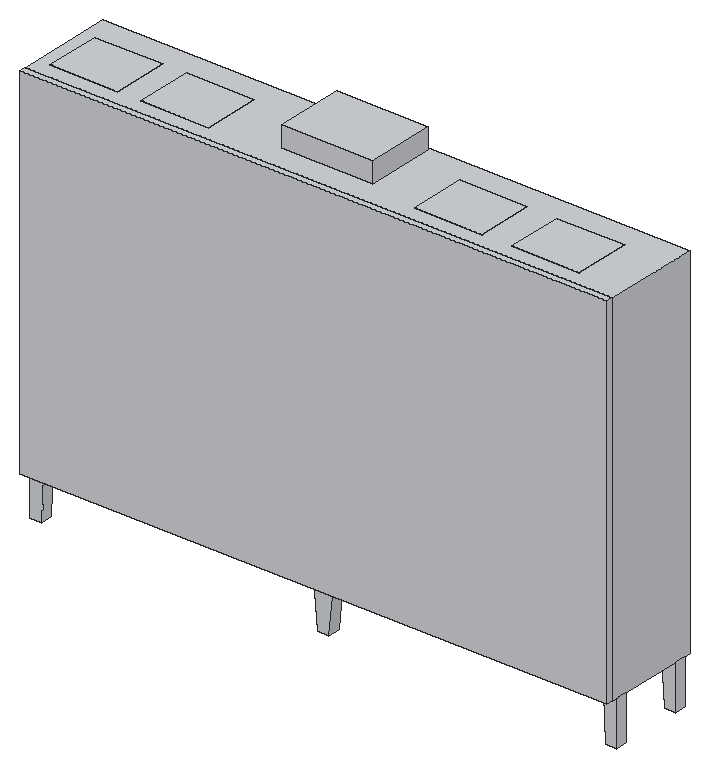
Revit family "AHU 1 _1", category Mechanické zařízení, Revit 2018
Family settings
  Kóta kulaté spojky = Použít průměr
  Typ dílu = Normální
  Číslo OmniClass = 23.75.00.00
  Nadpis OmniClass = Climate Control (HVAC)
  Založené na pracovní rovině = Ne
  Vždy vertikální = Ano
  Ořezat dutým tvarem při načtení = Ne
  Sdílené = Ne
  Bod výpočtu místnosti = Ne
Parameters (values of type "DUPLEXVENT 1500 Multi-V")
  Width [instance] = 0.455 mm
  Weight [instance] = 329.00 kg
  URL = ""
  Type [instance] = "DUPLEXVENT 1500 Multi-V"
  Total_SFP [instance] = 0
  Supply_outlet_hum [instance] = 90
  Supply_inlet_hum [instance] = 90
  Supply_ext_pressure [instance] = 0.0 Pa
  Supply_SFP [instance] = 0
  Source_adu_file [instance] = ""
  Recuperation_type [instance] = "Plate heat recovery exchanger"
  Recuperation_efficiency_EN308 [instance] = 0
  Project_name [instance] = ""
  Project_date [instance] = "9.8.2023"
  Power_supply_fusing [instance] = "0"
  Power_supply_cable [instance] = "0"
  Position [instance] = "AHU 1 "
  Phases_count [instance] = 1
  Panel_thickness [instance] = 0.06 mm
  Outer_surface [instance] = "RAL 9002"
  Length [instance] = 2.6 mm
  Insulation_type [instance] = "PUR"
  Insulation_thickness [instance] = 0.05 mm
  Installation_environment [instance] = ""
  Input_power_max [instance] = 1560 W
  Inner_surface [instance] = "Pozink"
  I2 [instance] = I1  # 0.0 L/s
  Height [instance] = 1.6 mm
  Exhaust_outlet_hum [instance] = 40
  Exhaust_inlet_hum [instance] = 40
  Exhaust_ext_pressure [instance] = 0.0 Pa
  Exhaust_SFP [instance] = 0
  E1 [instance] = E2 - M1  # 0.0 L/s
  E2 [instance] = 0.0 L/s
  I1 [instance] = 0.0 L/s
  Description = ""
  M1 [instance] = 0.0 L/s
  Device_dutypoint_version [instance] = "0"
  Device_design_version [instance] = "9"
  Device_adu_id [instance] = "1"
  Current_max [instance] = 7.8 A
  Casing_mat [instance] = "painted zinc layer"
  Cable type [instance] = "CYKY 3Jx2,5"
Reference planes
  plane 1 "Střed (vpředu/vzadu)": y = 0
  plane 2 "ref": z = 0
  plane 3 "Střed (vlevo/vpravo)": x = 0
Forms (mm)
  Sweep 1, solid
    path origin (0, 0, 0) x (0, 0, 1) y (1, 0, 0)
      loop
        line (0, 0) -> (1600, 0)
    profile origin (0, 0, 0) x (1, 0, 0) y (0, 1, 0)
      loop
        line (0, 0) -> (2600, 0) -> (2600, 425) -> (0, 425) -> (0, 0)
  Sweep 2, solid
    path origin (610, 190, 1599) x (0, 0, 1) y (1, 0, 0)
      loop
        line (0, 0) -> (1, 0)
    profile origin (610, 190, 1599) x (1, 0, 0) y (0, 1, 0)
      loop
        line (-150, -125) -> (150, -125) -> (150, 125) -> (-150, 125) -> (-150, -125)
  Sweep 3, solid
    path origin (2250, 190, 1599) x (0, 0, 1) y (1, 0, 0)
      loop
        line (0, 0) -> (1, 0)
    profile origin (2250, 190, 1599) x (1, 0, 0) y (0, 1, 0)
      loop
        line (-150, -125) -> (150, -125) -> (150, 125) -> (-150, 125) -> (-150, -125)
  Sweep 4, solid
    path origin (1820, 190, 1599) x (0, 0, 1) y (1, 0, 0)
      loop
        line (0, 0) -> (1, 0)
    profile origin (1820, 190, 1599) x (1, 0, 0) y (0, 1, 0)
      loop
        line (-150, -125) -> (150, -125) -> (150, 125) -> (-150, 125) -> (-150, -125)
  Sweep 5, solid
    path origin (205, 190, 1599) x (0, 0, 1) y (1, 0, 0)
      loop
        line (0, 0) -> (1, 0)
    profile origin (205, 190, 1599) x (1, 0, 0) y (0, 1, 0)
      loop
        line (-150, -125) -> (150, -125) -> (150, 125) -> (-150, 125) -> (-150, -125)
  Sweep 6, solid
    path origin (1150, 198, 0) x (0, -1, 0) y (0, 0, 1)
      loop
        line (0, 0) -> (0, -142)
    profile origin (1150, 198, 0) x (-1, 0, 0) y (0, -1, 0)
      loop
        circle (0, 0) r 8
  Sweep 7, solid
    path origin (1158, 198, -150) x (0, 0, -1) y (1, 0, 0)
      loop
        line (0, 0) -> (0, 14)
    profile origin (1158, 198, -150) x (0, 0, 1) y (0, -1, 0)
      loop
        circle (0, 0) r 8
  Sweep 8, solid
    path origin (1180, 198, -142) x (0, -1, 0) y (0, 0, 1)
      loop
        line (0, 0) -> (0, 59)
    profile origin (1180, 198, -142) x (0, 1, 0) y (-1, 0, 0)
      loop
        circle (0, 0) r 8
  Sweep 9, solid
    path origin (1188, 198, -75) x (0, 0, -1) y (1, 0, 0)
      loop
        line (0, 0) -> (0, 22)
    profile origin (1188, 198, -75) x (0, 0, 1) y (0, -1, 0)
      loop
        circle (0, 0) r 8
  Sweep 10, solid
    path origin (1625, 198, 0) x (0, -1, 0) y (0, 0, 1)
      loop
        line (0, 0) -> (0, -142)
    profile origin (1625, 198, 0) x (-1, 0, 0) y (0, -1, 0)
      loop
        circle (0, 0) r 8
  Sweep 11, solid
    path origin (1633, 198, -150) x (0, 0, -1) y (1, 0, 0)
      loop
        line (0, 0) -> (0, 14)
    profile origin (1633, 198, -150) x (0, 0, 1) y (0, -1, 0)
      loop
        circle (0, 0) r 8
  Sweep 12, solid
    path origin (1655, 198, -142) x (0, -1, 0) y (0, 0, 1)
      loop
        line (0, 0) -> (0, 59)
    profile origin (1655, 198, -142) x (0, 1, 0) y (-1, 0, 0)
      loop
        circle (0, 0) r 8
  Sweep 13, solid
    path origin (1663, 198, -75) x (0, 0, -1) y (1, 0, 0)
      loop
        line (0, 0) -> (0, 22)
    profile origin (1663, 198, -75) x (0, 0, 1) y (0, -1, 0)
      loop
        circle (0, 0) r 8
  Sweep 14, solid
    path origin (0, 0, 0) x (0, 0, 1) y (1, 0, 0)
      loop
        line (0, 0) -> (1600, 0)
    profile origin (0, 0, 0) x (1, 0, 0) y (0, 1, 0)
      loop
        line (0, -30) -> (2600, -30) -> (2600, -5) -> (0, -5) -> (0, -30)
  Sweep 15, solid
    path origin (25, 75, 0) x (1, 0, 0) y (0, 1, 0)
      loop
        line (0, 0) -> (0, -50)
    profile origin (25, 75, 0) x (1, 0, 0) y (0, 0, 1)
      loop
        line (-25, 0) -> (-25, -200) -> (25, -200) -> (35, 0) -> (-25, 0)
  Sweep 16, solid
    path origin (2575, 75, 0) x (1, 0, 0) y (0, 1, 0)
      loop
        line (0, 0) -> (0, -50)
    profile origin (2575, 75, 0) x (1, 0, 0) y (0, 0, 1)
      loop
        line (-35, 0) -> (-25, -200) -> (25, -200) -> (25, 0) -> (-35, 0)
  Sweep 17, solid
    path origin (25, 400, 0) x (1, 0, 0) y (0, 1, 0)
      loop
        line (0, 0) -> (0, -50)
    profile origin (25, 400, 0) x (1, 0, 0) y (0, 0, 1)
      loop
        line (-25, 0) -> (-25, -200) -> (25, -200) -> (35, 0) -> (-25, 0)
  Sweep 18, solid
    path origin (2575, 400, 0) x (1, 0, 0) y (0, 1, 0)
      loop
        line (0, 0) -> (0, -50)
    profile origin (2575, 400, 0) x (1, 0, 0) y (0, 0, 1)
      loop
        line (-35, 0) -> (-25, -200) -> (25, -200) -> (25, 0) -> (-35, 0)
  Sweep 19, solid
    path origin (1300, 75, 0) x (1, 0, 0) y (0, 1, 0)
      loop
        line (0, 0) -> (0, -50)
    profile origin (1300, 75, 0) x (1, 0, 0) y (0, 0, 1)
      loop
        line (-45, 0) -> (-25, -200) -> (25, -200) -> (45, 0) -> (-45, 0)
  Sweep 20, solid
    path origin (1300, 400, 0) x (1, 0, 0) y (0, 1, 0)
      loop
        line (0, 0) -> (0, -50)
    profile origin (1300, 400, 0) x (1, 0, 0) y (0, 0, 1)
      loop
        line (-45, 0) -> (-25, -200) -> (25, -200) -> (45, 0) -> (-45, 0)
  Sweep 21, solid
    path origin (0, 0, 1600) x (0, 0, 1) y (1, 0, 0)
      loop
        line (0, 0) -> (90, 0)
    profile origin (0, 0, 1600) x (1, 0, 0) y (0, 1, 0)
      loop
        line (1045, 110) -> (1450, 110) -> (1450, 415) -> (1045, 415) -> (1045, 110)
  Sweep 22, solid
    path origin (1045, 263, 1645) x (0, 0, -1) y (1, 0, 0)
      loop
        line (0, 0) -> (0, -1)
    profile origin (1045, 263, 1645) x (0, 0, -1) y (0, -1, 0)
      loop
        circle (0, 0) r 10
Lines and regions (mm)
  model lines, style "Symbol"
    curve 1: line (1300, -30, 1600) -> (1300, -30, 960)
    curve 2: line (650, -30, 1600) -> (650, -30, 480)
    curve 3: line (650, -30, 480) -> (820, -30, 480)
    curve 4: line (1950, -30, 1600) -> (1950, -30, 480)
    curve 5: line (1950, -30, 480) -> (1780, -30, 480)
    curve 6: line (820, -30, 480) -> (1060, -30, 960)
    curve 7: line (1060, -30, 960) -> (1540, -30, 960)
    curve 8: line (1540, -30, 960) -> (1780, -30, 480)
    curve 9: line (1780, -30, 480) -> (1540, -30, 0)
    curve 10: line (1540, -30, 0) -> (1300, -30, 0)
    curve 11: line (1300, -30, 0) -> (1060, -30, 0)
    curve 12: line (1060, -30, 0) -> (820, -30, 480)
    curve 13: line (2133, -30, 1140) -> (2187, -30, 1460)
    curve 14: line (2417, -30, 1140) -> (2363, -30, 1460)
    curve 15: line (183, -30, 1140) -> (237, -30, 1460)
    curve 16: line (467, -30, 1140) -> (413, -30, 1460)
    curve 17: line (715, -30, 1280) -> (1235, -30, 1280)
    curve 18: line (1235, -30, 1280) -> (1235, -30, 1120)
    curve 19: line (1235, -30, 1120) -> (715, -30, 1120)
    curve 20: line (715, -30, 1120) -> (715, -30, 1280)
    curve 21: line (715, -30, 1200) -> (975, -30, 1120)
    curve 22: line (1235, -30, 1200) -> (975, -30, 1120)
    curve 23: line (1365, -30, 1280) -> (1885, -30, 1280)
    curve 24: line (1885, -30, 1280) -> (1885, -30, 1120)
    curve 25: line (1885, -30, 1120) -> (1365, -30, 1120)
    curve 26: line (1365, -30, 1120) -> (1365, -30, 1280)
    curve 27: line (1365, -30, 1200) -> (1625, -30, 1120)
    curve 28: line (1885, -30, 1200) -> (1625, -30, 1120)
    curve 29: line (701, -30, 552) -> (919, -30, 979)
    curve 30: line (919, -30, 979) -> (1035, -30, 920)
    curve 31: line (1035, -30, 920) -> (817, -30, 493)
    curve 32: line (817, -30, 493) -> (701, -30, 552)
    curve 33: line (842, -30, 799) -> (982, -30, 844)
    curve 34: line (754, -30, 628) -> (894, -30, 673)
    curve 35: line (0, 425, -200) -> (0, 425, 0)
    curve 36: line (2600, 425, -200) -> (2600, 425, 0)
    curve 37: line (0, 425, -200) -> (2600, 425, -200)
    curve 38: line (0, 0, -200) -> (0, 0, 0)
    curve 39: line (2600, 0, -200) -> (2600, 0, 0)
    curve 40: line (0, 0, -200) -> (2600, 0, -200)
    curve 41: line (0, 425, -200) -> (0, 0, -200)
    curve 42: line (2600, 425, -200) -> (2600, 0, -200)
    curve 43: line (0, 200, -200) -> (200, 0, -200)
    curve 44: line (0, 400, -200) -> (400, 0, -200)
    curve 45: line (175, 425, -200) -> (600, 0, -200)
    curve 46: line (375, 425, -200) -> (800, 0, -200)
    curve 47: line (575, 425, -200) -> (1000, 0, -200)
    curve 48: line (775, 425, -200) -> (1200, 0, -200)
    curve 49: line (975, 425, -200) -> (1400, 0, -200)
    curve 50: line (1175, 425, -200) -> (1600, 0, -200)
    curve 51: line (1375, 425, -200) -> (1800, 0, -200)
    curve 52: line (1575, 425, -200) -> (2000, 0, -200)
    curve 53: line (1775, 425, -200) -> (2200, 0, -200)
    curve 54: line (1975, 425, -200) -> (2400, 0, -200)
    curve 55: line (2175, 425, -200) -> (2600, 0, -200)
    curve 56: line (2375, 425, -200) -> (2600, 200, -200)
    curve 57: line (2575, 425, -200) -> (2600, 400, -200)
    curve 58: line (2600, 200, -200) -> (2600, 0, 0)
    curve 59: line (2600, 400, -200) -> (2600, 200, 0)
    curve 60: line (2600, 425, -25) -> (2600, 400, 0)
    curve 61: line (0, 0, 0) -> (200, 0, -200)
    curve 62: line (200, 0, 0) -> (400, 0, -200)
    curve 63: line (400, 0, 0) -> (600, 0, -200)
    curve 64: line (600, 0, 0) -> (800, 0, -200)
    curve 65: line (800, 0, 0) -> (1000, 0, -200)
    curve 66: line (1000, 0, 0) -> (1200, 0, -200)
    curve 67: line (1200, 0, 0) -> (1400, 0, -200)
    curve 68: line (1400, 0, 0) -> (1600, 0, -200)
    curve 69: line (1600, 0, 0) -> (1800, 0, -200)
    curve 70: line (1800, 0, 0) -> (2000, 0, -200)
    curve 71: line (2000, 0, 0) -> (2200, 0, -200)
    curve 72: line (2200, 0, 0) -> (2400, 0, -200)
    curve 73: line (2400, 0, 0) -> (2600, 0, -200)
    curve 74: line (0, 0, 2180) -> (0, 0, 1600)
    curve 75: line (2600, 0, 2180) -> (2600, 0, 1600)
    curve 76: line (0, 0, 2180) -> (2600, 0, 2180)
    curve 77: line (0, 425, 2180) -> (0, 425, 1600)
    curve 78: line (2600, 425, 2180) -> (2600, 425, 1600)
    curve 79: line (0, 425, 2180) -> (2600, 425, 2180)
    curve 80: line (0, 0, 2180) -> (0, 425, 2180)
    curve 81: line (2600, 0, 2180) -> (2600, 425, 2180)
    curve 82: line (0, 225, 2180) -> (200, 425, 2180)
    curve 83: line (0, 25, 2180) -> (400, 425, 2180)
    curve 84: line (175, 0, 2180) -> (600, 425, 2180)
    curve 85: line (375, 0, 2180) -> (800, 425, 2180)
    curve 86: line (575, 0, 2180) -> (1000, 425, 2180)
    curve 87: line (775, 0, 2180) -> (1200, 425, 2180)
    curve 88: line (975, 0, 2180) -> (1400, 425, 2180)
    curve 89: line (1175, 0, 2180) -> (1600, 425, 2180)
    curve 90: line (1375, 0, 2180) -> (1800, 425, 2180)
    curve 91: line (1575, 0, 2180) -> (2000, 425, 2180)
    curve 92: line (1775, 0, 2180) -> (2200, 425, 2180)
    curve 93: line (1975, 0, 2180) -> (2400, 425, 2180)
    curve 94: line (2175, 0, 2180) -> (2600, 425, 2180)
    curve 95: line (2375, 0, 2180) -> (2600, 225, 2180)
    curve 96: line (2575, 0, 2180) -> (2600, 25, 2180)
    curve 97: line (2600, 225, 2180) -> (2600, 425, 1980)
    curve 98: line (2600, 25, 2180) -> (2600, 425, 1780)
    curve 99: line (2600, 0, 2005) -> (2600, 405, 1600)
    curve 100: line (2600, 0, 1805) -> (2600, 205, 1600)
    curve 101: line (2600, 0, 1605) -> (2600, 5, 1600)
    curve 102: line (0, 425, 1980) -> (200, 425, 2180)
    curve 103: line (0, 425, 1780) -> (400, 425, 2180)
    curve 104: line (20, 425, 1600) -> (600, 425, 2180)
    curve 105: line (220, 425, 1600) -> (800, 425, 2180)
    curve 106: line (420, 425, 1600) -> (1000, 425, 2180)
    curve 107: line (620, 425, 1600) -> (1200, 425, 2180)
    curve 108: line (820, 425, 1600) -> (1400, 425, 2180)
    curve 109: line (1020, 425, 1600) -> (1600, 425, 2180)
    curve 110: line (1220, 425, 1600) -> (1800, 425, 2180)
    curve 111: line (1420, 425, 1600) -> (2000, 425, 2180)
    curve 112: line (1620, 425, 1600) -> (2200, 425, 2180)
    curve 113: line (1820, 425, 1600) -> (2400, 425, 2180)
    curve 114: line (2020, 425, 1600) -> (2600, 425, 2180)
    curve 115: line (2220, 425, 1600) -> (2600, 425, 1980)
    curve 116: line (2420, 425, 1600) -> (2600, 425, 1780)
    curve 117: line (0, -30, 0) -> (0, -30, 1600)
    curve 118: line (0, -30, 1600) -> (1120, -30, 1600)
    curve 119: line (1120, -30, 1600) -> (1120, -30, 0)
    curve 120: line (1120, -30, 0) -> (0, -30, 0)
    curve 121: line (1480, -30, 0) -> (1480, -30, 1600)
    curve 122: line (1480, -30, 1600) -> (2600, -30, 1600)
    curve 123: line (2600, -30, 1600) -> (2600, -30, 0)
    curve 124: line (2600, -30, 0) -> (1480, -30, 0)
    curve 125: line (0, -30, 0) -> (2600, -30, 0)
    curve 126: line (0, -30, 1600) -> (2600, -30, 1600)
    curve 127: line (0, -30, 0) -> (0, -30, 1600)
    curve 128: line (2600, -30, 0) -> (2600, -30, 1600)
    curve 129: line (0, -30, 0) -> (0, -5, 0)
    curve 130: line (2600, -30, 0) -> (2600, -5, 0)
    curve 131: line (0, -30, 1600) -> (0, -5, 1600)
    curve 132: line (2600, -30, 1600) -> (2600, -5, 1600)
    curve 133: circle (2275, -30, 1280) r 200 normal (0, -1, 0)
    curve 134: circle (325, -30, 1280) r 200 normal (0, -1, 0)
    curve 135: circle (912, -30, 822) r 20 normal (0, -1, 0)
    curve 136: circle (824, -30, 650) r 20 normal (0, -1, 0)
    curve 137: circle (1150, 198, 0) r 8 normal (0, 0, -1)
    curve 138: circle (1150, 198, -142) r 8 normal (0, 0, -1)
    curve 139: circle (1625, 198, 0) r 8 normal (0, 0, -1)
    curve 140: circle (1625, 198, -142) r 8 normal (0, 0, -1)
Dimensions and locks
  aligned and locked: level to plane 2 "ref"
Connectors
  hvac at (610, 190, 1600), driven by "E1"
    settings: on Sweep 2, index 1, duct flow 0.0 L/s, flow factor 0, pres drop 0.0 Pa, loss coef 0, conn angle 0.00°, conn width 250 mm, conn height 300 mm, conn diameter 609.6 mm, duct sys type 1, conn prof type 1, flow config 1, flow direction 1, loss method 0, conn ref index -1, conn util no, is conn primary yes, conn desc ""
  hvac at (2250, 190, 1600), driven by "E2"
    settings: on Sweep 3, index 2, duct flow 0.0 L/s, flow factor 1, pres drop 0.0 Pa, loss coef 0, conn angle 0.00°, conn width 250 mm, conn height 300 mm, conn diameter 609.6 mm, duct sys type 1, conn prof type 1, flow config 2, flow direction 2, loss method 0, conn ref index -1, conn util no, is conn primary no, conn desc ""
  hvac at (1820, 190, 1600), driven by "I1"
    settings: on Sweep 4, index 3, duct flow 0.0 L/s, flow factor 1, pres drop 0.0 Pa, loss coef 0, conn angle 0.00°, conn width 250 mm, conn height 300 mm, conn diameter 609.6 mm, duct sys type 3, conn prof type 1, flow config 2, flow direction 1, loss method 0, conn ref index -1, conn util no, is conn primary no, conn desc ""
  hvac at (205, 190, 1600), driven by "I2"
    settings: on Sweep 5, index 4, duct flow 0.0 L/s, flow factor 0, pres drop 0.0 Pa, loss coef 0, conn angle 0.00°, conn width 250 mm, conn height 300 mm, conn diameter 609.6 mm, duct sys type 3, conn prof type 1, flow config 1, flow direction 2, loss method 0, conn ref index -1, conn util no, is conn primary no, conn desc ""
  piping at (1210, 198, -75), diameter 40
    settings: on Sweep 9, index 5, connector inside diameter 609.6 mm, connector length 0 mm, flow factor 0, pipe flow 0.0 L/s, pressure drop 0.0 Pa, fitting loss kfactor 0, connector angle 0.00°, fixture units 0, engagement length 0 mm, angle of deflection 0.00°, flow configuration 1, flow direction 2, fitting loss method 0, system type 16, joint type 0, gender type 0, connector reference index -1, connector utility 0, adjustable connector no, is connector primary yes, connector description ""
  piping at (1685, 198, -75), diameter 40
    settings: on Sweep 13, index 6, connector inside diameter 609.6 mm, connector length 0 mm, flow factor 0, pipe flow 0.0 L/s, pressure drop 0.0 Pa, fitting loss kfactor 0, connector angle 0.00°, fixture units 0, engagement length 0 mm, angle of deflection 0.00°, flow configuration 1, flow direction 2, fitting loss method 0, system type 16, joint type 0, gender type 0, connector reference index -1, connector utility 0, adjustable connector no, is connector primary no, connector description ""
  electrical at (1044, 263, 1645)
    settings: on Sweep 22, index 7, voltage 230 V, apparent load 0 VA, apparent load phase1 0 VA, apparent load phase2 0 VA, apparent load phase3 0 VA, power factor 1, load classification "Další", number of poles 1, system type 31, power factor state 1, is connector primary yes, connector utility no, sub classification motor no, connector description ""
